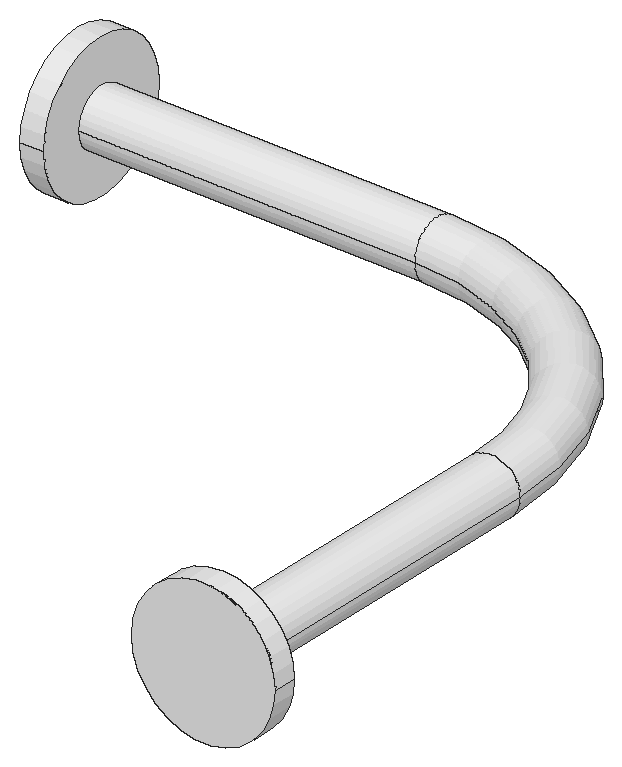
Revit family "Barra_Apoio_L", category Plumbing Fixtures, Revit 2025
Family settings
  Round Connector Dimension = Use Diameter
  Part Type = Normal
  OmniClass Number = 23.45.00.00
  OmniClass Title = Sanitary, Laundry, and Cleaning Equipment
  Work Plane-Based = No
  Enable Cutting in Views = No
  Always vertical = Yes
  Cut with Voids When Loaded = No
  Maintain Annotation Orientation = No
  Shared = No
  Room Calculation Point = No
Parameters (values of type "BAA_L35")
  Material_Barrra = CT_Cromados
  Description = "Descrição do tipo"
  Default Elevation = 0.000 m
  Barra_Raio [instance] = 0.150 m
  Barra_Comprimento = 0.350 m
  Barra_Altura [instance] = 0.700 m
Reference planes (m)
  plane 1 "Center (Front/Back)": y = 0
  plane 2: z = 0
  plane 3 "Center (Left/Right)": x = 0
  plane 4 "Altura": z = 0.7
  plane 5: x = 0.35
  plane 6: y = 0.35
Forms (m)
  Sweep 1, solid, material "CT_Cromados" <- "Material_Barrra"
    path origin (0, 0, 0.7) x (1, 0, 0) y (0, 1, 0)
      loop
        line (0.35, 0) -> (0.35, 0.2)
        arc (0.35, 0.2) -> (0.306066, 0.306066) -> (0.2, 0.35) r 0.15
        line (0.2, 0.35) -> (0, 0.35)
    profile origin (0.35, 0.1, 0.7) x (-1, 0, 0) y (0, 0, 1)
      loop
        circle (0, 0) r 0.015971
  Extrusion 2, solid, material "CT_Cromados" <- "Material_Barrra"
    sketch origin (0, 1.315552, 0.600377) x (0, 1, 0) y (0, 0, -1)
      loop
        circle (-0.965552, -0.099623) r 0.04
    from 0 to -0.013
  Extrusion 3, solid, material "CT_Cromados" <- "Material_Barrra"
    sketch origin (1.315552, 0, 0.600377) x (1, 0, 0) y (0, 0, 1)
      loop
        circle (-0.965552, 0.099623) r 0.04
    from 0 to -0.013
Cuts and joins
  joined: Sweep 1, Extrusion 2, Extrusion 3
Dimensions and locks (m)
  "Barra_Altura": level to plane 4 "Altura"
  "Barra_Comprimento": plane 6 to plane 1 "Center (Front/Back)"
  "Barra_Comprimento": plane 3 "Center (Left/Right)" to plane 5
  "Barra_Raio": radius of Sweep 1 sketch curve
  aligned and locked: level to plane 2
  aligned and locked: Extrusion 2 to plane 3 "Center (Left/Right)"
  aligned and locked: plane 6 to Sweep 1 sketch curve
  aligned and locked: plane 5 to Sweep 1 sketch curve
  aligned and locked: plane 1 "Center (Front/Back)" to Extrusion 3
  aligned and locked: Sweep 1 to plane 3 "Center (Left/Right)"
Automatic sketch dimensions
  Sweep 1 sketch curve to plane 4 "Altura" = 0.000 m
  Sweep 1 sketch curve to profile plane = 0.000 m
  Extrusion 2 sketch curve to plane 4 "Altura" = 0.000 m
  Extrusion 2 sketch curve to plane 6 = 0.000 m
  Extrusion 3 sketch curve to plane 4 "Altura" = 0.000 m
  Extrusion 3 sketch curve to plane 5 = 0.000 m
  Sweep 1 sketch curve to plane 3 "Center (Left/Right)" = 0.000 m
  plane 1 "Center (Front/Back)" to Sweep 1 sketch curve = 0.000 m
  radius of Sweep 1 sketch curve = 0.015971 m
  radius of Extrusion 2 sketch curve = 0.040 m
  radius of Extrusion 3 sketch curve = 0.040 m
